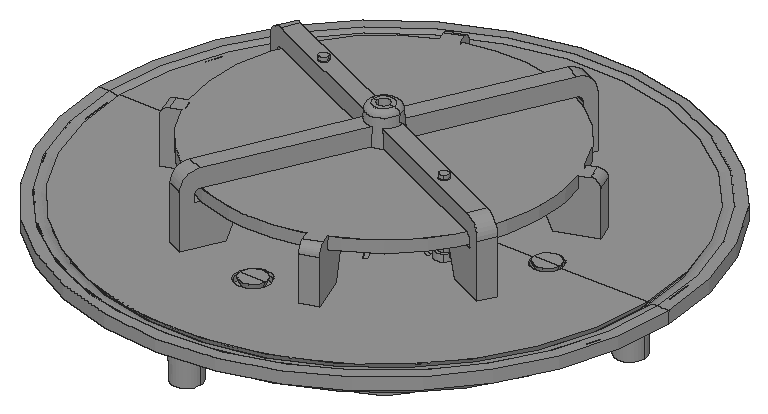
Revit family "MH-X00", category Plumbing Fixtures, Revit 2019 (continued)
Automatic sketch dimensions
  plane 14 to Revolve 1 sketch curve = 0.06235"
  plane 8 "30.16" to Revolve 1 sketch curve = 0.36063"
  Revolve 1 sketch curve to plane 5 = 0.98425"
  Revolve 1 sketch curve to Revolve 1 sketch curve = 0.12128"
  Revolve 1 sketch curve to Revolve 1 sketch curve = 0.11811"  (x2)
  Revolve 1 sketch curve to Revolve 1 sketch curve = 0.12127"
  Revolve 1 sketch curve to level = 0.42492"
  Revolve 1 sketch curve to Revolve 1 sketch curve = 0.00093"
  Revolve 1 sketch curve to plane 6 = 1.02362"
  Extrusion 2 sketch curve to plane 14 = 0"
  Revolve 3 sketch curve to plane 18 = 0"
  level to Revolve 3 sketch curve = 0.00889"
  Revolve 3 sketch curve to Revolve 3 sketch curve = 0.04114"
  Revolve 3 sketch curve to level = 0.07078"
  Revolve 3 sketch curve to Revolve 3 sketch curve = 0.23509"
  Revolve 3 sketch curve to plane 16 = 139/256"
  Revolve 3 sketch curve to Revolve 3 sketch curve = 0.22923"
  Revolve 5 sketch curve to plane 17 = 0"  (x2)
  Revolve 5 sketch curve to level = 0.00889"
  Revolve 5 sketch curve to Revolve 5 sketch curve = 0.04114"
  level to Revolve 5 sketch curve = 0.07078"
  Revolve 5 sketch curve to Revolve 5 sketch curve = 0.23509"
  plane 16 to Revolve 5 sketch curve = 139/256"
  Revolve 5 sketch curve to Revolve 5 sketch curve = 0.22923"
  Revolve 8 sketch curve to plane 8 "30.16" = 0"
  Revolve 8 sketch curve to plane 18 = 0"
  Revolve 8 sketch curve to Revolve 8 sketch curve = 0.04388"
  Revolve 8 sketch curve to Revolve 8 sketch curve = 0.03687"  (x2)
  plane 8 "30.16" to Revolve 8 sketch curve = 0.03402"
  Revolve 8 sketch curve to Revolve 8 sketch curve = 0.01215"
  Revolve 8 sketch curve to Revolve 8 sketch curve = 0.03402"
  Revolve 8 sketch curve to Revolve 8 sketch curve = 0.04536"
  Revolve 8 sketch curve to level = 0.13565"
  level to Revolve 8 sketch curve = 0.00889"
  Revolve 8 sketch curve to Revolve 8 sketch curve = 0.29125"
  Revolve 9 sketch curve to plane 8 "30.16" = 0"
  Revolve 9 sketch curve to plane 17 = 0"  (x2)
  Revolve 9 sketch curve to Revolve 9 sketch curve = 0.04388"
  Revolve 9 sketch curve to Revolve 9 sketch curve = 0.03687"  (x2)
  Revolve 9 sketch curve to plane 8 "30.16" = 0.03402"
  Revolve 9 sketch curve to Revolve 9 sketch curve = 0.01215"
  Revolve 9 sketch curve to Revolve 9 sketch curve = 0.03402"
  Revolve 9 sketch curve to Revolve 9 sketch curve = 0.04536"
  level to Revolve 9 sketch curve = 0.13565"
  Revolve 9 sketch curve to level = 0.00889"
  Revolve 9 sketch curve to Revolve 9 sketch curve = 0.29125"
  Revolve 10 sketch curve to plane 8 "30.16" = 0"
  Revolve 10 sketch curve to plane 3 "Center (Left/Right)" = 0"  (x2)
  Revolve 10 sketch curve to Revolve 10 sketch curve = 0.04388"
  Revolve 10 sketch curve to Revolve 10 sketch curve = 0.03687"  (x2)
  Revolve 10 sketch curve to plane 8 "30.16" = 0.03402"
  Revolve 10 sketch curve to Revolve 10 sketch curve = 0.01215"
  Revolve 10 sketch curve to Revolve 10 sketch curve = 0.03402"
  Revolve 10 sketch curve to Revolve 10 sketch curve = 0.04536"
  level to Revolve 10 sketch curve = 0.13565"
  Revolve 10 sketch curve to level = 0.00889"
  Revolve 10 sketch curve to Revolve 10 sketch curve = 0.29125"
  Revolve 11 sketch curve to plane 8 "30.16" = 0"
  Revolve 11 sketch curve to plane 3 "Center (Left/Right)" = 0"  (x2)
  Revolve 11 sketch curve to Revolve 11 sketch curve = 0.04388"
  Revolve 11 sketch curve to Revolve 11 sketch curve = 0.03687"  (x2)
  plane 8 "30.16" to Revolve 11 sketch curve = 0.03402"
  Revolve 11 sketch curve to Revolve 11 sketch curve = 0.01215"
  Revolve 11 sketch curve to Revolve 11 sketch curve = 0.03402"
  Revolve 11 sketch curve to Revolve 11 sketch curve = 0.04536"
  Revolve 11 sketch curve to level = 0.13565"
  level to Revolve 11 sketch curve = 0.00889"
  Revolve 11 sketch curve to Revolve 11 sketch curve = 0.29125"
  Revolve 12 sketch curve to plane 19 = 0"
  Revolve 12 sketch curve to plane 8 "30.16" = 0"
  Revolve 12 sketch curve to Revolve 12 sketch curve = 0.05967"
  Revolve 12 sketch curve to Revolve 12 sketch curve = 0.08386"
  Revolve 12 sketch curve to plane 16 = 0.03158"
  Revolve 12 sketch curve to plane 19 = 0.3469"
  plane 16 to Revolve 12 sketch curve = 0.00256"
  Revolve 12 sketch curve to Revolve 12 sketch curve = 0.03752"
  Revolve 12 sketch curve to plane 8 "30.16" = 0.28033"
  Revolve 12 sketch curve to Revolve 12 sketch curve = 0.22992"
  Revolve 13 sketch curve to plane 1 "Center (Front/Back)" = 0"
  Revolve 13 sketch curve to plane 8 "30.16" = 0"
  Revolve 13 sketch curve to Revolve 13 sketch curve = 0.05967"
  Revolve 13 sketch curve to Revolve 13 sketch curve = 0.08386"
  Revolve 13 sketch curve to plane 16 = 0.03158"
  plane 1 "Center (Front/Back)" to Revolve 13 sketch curve = 0.3469"
  plane 16 to Revolve 13 sketch curve = 0.00256"
  Revolve 13 sketch curve to Revolve 13 sketch curve = 0.03752"
  Revolve 13 sketch curve to plane 8 "30.16" = 0.28033"
  Revolve 13 sketch curve to Revolve 13 sketch curve = 0.22992"
  Revolve 14 sketch curve to plane 11 = 0.06164"
  plane 11 to Revolve 14 sketch curve = 0.20885"
  Revolve 14 sketch curve to level = 0.49101"
  Revolve 14 sketch curve to Revolve 14 sketch curve = 0.06874"
  level to Revolve 14 sketch curve = 0.22478"
  Revolve 15 sketch curve to plane 4 = 0.06603"
  plane 4 to Revolve 15 sketch curve = 0.20209"
  plane 8 "30.16" to Revolve 15 sketch curve = 0.11811"
  level to Revolve 15 sketch curve = 0.49745"
  Revolve 15 sketch curve to Revolve 15 sketch curve = 0.07221"
  Revolve 15 sketch curve to level = 0.22478"
  Extrusion 21 sketch curve to plane 3 "Center (Left/Right)" = 0"
  plane 23 to Extrusion 21 sketch curve = 0"
  Revolve 22 sketch curve to plane 20 = 0"
  Revolve 22 sketch curve to plane 8 "30.16" = 0"
  Revolve 22 sketch curve to Revolve 22 sketch curve = 0.05967"
  Revolve 22 sketch curve to Revolve 22 sketch curve = 0.02419"
  plane 16 to Revolve 22 sketch curve = 0.03662"
  Revolve 22 sketch curve to plane 20 = 0.34699"
  plane 16 to Revolve 22 sketch curve = 0.0013"
  Revolve 22 sketch curve to Revolve 22 sketch curve = 0.03762"
  plane 8 "30.16" to Revolve 22 sketch curve = 0.28033"
  Revolve 22 sketch curve to Revolve 22 sketch curve = 0.22992"
  Revolve 28 sketch curve to plane 1 "Center (Front/Back)" = 0"
  Revolve 28 sketch curve to plane 8 "30.16" = 0"
  Revolve 28 sketch curve to Revolve 28 sketch curve = 0.05967"
  Revolve 28 sketch curve to Revolve 28 sketch curve = 0.02419"
  plane 16 to Revolve 28 sketch curve = 0.03158"
  Revolve 28 sketch curve to plane 1 "Center (Front/Back)" = 0.3469"
  Revolve 28 sketch curve to plane 16 = 0.00256"
  Revolve 28 sketch curve to Revolve 28 sketch curve = 0.03752"
  plane 8 "30.16" to Revolve 28 sketch curve = 0.28033"
  Revolve 28 sketch curve to Revolve 28 sketch curve = 0.22992"
  curve 3 to plane 5 = 0.04238"
  curve 3 to plane 25 = 0.50602"
  plane 26 to curve 2 = 0.47971"
  curve 3 to curve 2 = 0.26533"
  Revolve 36 sketch curve to Revolve 36 sketch curve = 0.07542"
  Revolve 36 sketch curve to Revolve 36 sketch curve = 0.28147"
  Revolve 36 sketch curve to plane 8 "30.16" = 0.11811"
  Revolve 36 sketch curve to level = 0.47672"
  Revolve 36 sketch curve to Revolve 36 sketch curve = 0.06392"
  level to Revolve 36 sketch curve = 0.25607"
  Revolve 37 sketch curve to Revolve 37 sketch curve = 0.06164"
  Revolve 37 sketch curve to Revolve 37 sketch curve = 0.20885"
  plane 8 "30.16" to Revolve 37 sketch curve = 0.03937"
  level to Revolve 37 sketch curve = 0.49101"
  Revolve 37 sketch curve to Revolve 37 sketch curve = 0.06874"
  Revolve 37 sketch curve to level = 0.22478"
  radius of Extrusion 42 sketch curve = 0.137"
  radius of Extrusion 43 sketch curve = 0.137"
  radius of Extrusion 45 sketch curve = 0.137"
  radius of Extrusion 58 sketch curve = 0.137"
  radius of curve 1 = 3.05103"
  radius of Extrusion 41 sketch curve = 0.137"
  radius of Extrusion 44 sketch curve = 0.137"
  radius of Extrusion 61 sketch curve = 0.157"
  radius of Extrusion 61 sketch curve = 0.13781"
  radius of Extrusion 62 sketch curve = 0.157"
  radius of Extrusion 62 sketch curve = 0.13781"
  radius of Extrusion 63 sketch curve = 0.157"
  radius of Extrusion 63 sketch curve = 0.13781"
  radius of Extrusion 64 sketch curve = 0.157"
  radius of Extrusion 64 sketch curve = 0.13781"
  radius of Extrusion 65 sketch curve = 0.157"
  radius of Extrusion 65 sketch curve = 0.13781"
  radius of Extrusion 66 sketch curve = 0.157"
  radius of Extrusion 66 sketch curve = 0.13781"
Connectors (in)
  piping at (0, 0, -3.11024), diameter 2.5, driven by "Connection Dia"
    settings: on cut or joined group of Revolve 1, Revolve 3, index 1, connector inside diameter 609.6 mm, connector length 0", flow factor 0, pipe flow 0.0 L/s, pressure drop 0.0 Pa, fitting loss kfactor 0, connector angle 0.00°, fixture units 0, engagement length 0", angle of deflection 0.00°, flow configuration 0, flow direction 0, fitting loss method 0, system type 7, joint type 0, gender type 0, connector reference index -1, connector utility 0, adjustable connector no, is connector primary yes, connector description ""
Types (6): name | od3 | od2 | od1 | linearW | linearL | id3 | id1 | ff2 | V6 | V5 | V4 | V3 | V2 | V1 | RP2 | Model | II2 | II1 | HH2 | HH1 | G1 | FF | EE3 | EE2 | EE1 | EE | Description | Connection Dia | C'1 | C' | RP1 | PIPE SIZE' | PIPE SIZE | D | C | B01 | B' | B | A' | A
  (no name) | 0.19497" | 0.31496" | 0.3937" | 2.12598" | 0.98425" | 0.09748" | 0.19685" | 2.77299" | no | no | yes | yes | no | yes | 0.19685" | "MH-300" | 0.09241" | 0.07701" | 0.11551" | 3.14492" | 2.99063" | 0" | 0.90319" | 3.27" | 2 233/256" | 3 189/256" | "3\" HydroMax Siphonic Roof Drain" | 2 1/2" | 4.05512" | 3.64173" | 0.15748" | 1.47638" | 2.95276" | 3.11024" | 7.28346" | 5.49213" | 5.88583" | 11.77165" | 6.49606" | 12.99213"
  MH-500 | 0.19497" | 0.3937" | 0.47244" | 3.93701" | 1.83071" | 0.09748" | 0.23622" | 2.77299" | no | yes | yes | yes | no | yes | 0.23622" | "MH-500" | 0.09241" | 0.07701" | 0.11551" | 3.14492" | 6.325" | 0" | 0.90319" | 3.27" | 2.58736" | 7 29/32" | "5\" HydroMax Siphonic Roof Drain" | 0" | 6.51575" | 6.10236" | 0.19685" | 2.46063" | 4.92126" | 4.33071" | 12.20472" | 8.44488" | 8.91732" | 17.83465" | 9.68504" | 19.37008"
  MH-300 | 0.19497" | 0.31496" | 0.3937" | 2.12598" | 0.98425" | 0.09748" | 0.19685" | 2.77299" | no | no | yes | yes | no | yes | 0.19685" | "MH-300" | 0.09241" | 0.07701" | 0.11551" | 3.14492" | 2.99063" | 0" | 0.90319" | 3.27" | 2 233/256" | 3 189/256" | "3\" HydroMax Siphonic Roof Drain" | 2 1/2" | 4.05512" | 3.64173" | 0.15748" | 1.47638" | 2.95276" | 3.11024" | 7.28346" | 5.49213" | 5.88583" | 11.77165" | 6.49606" | 12.99213"
  MH-400 | 0.19497" | 0.31496" | 0.3937" | 3.54331" | 1.65354" | 0.09748" | 0.19685" | 2.77299" | no | yes | yes | yes | no | yes | 0.19685" | "MH-400" | 0.09241" | 0.07701" | 0.11551" | 3.14492" | 6.325" | 0" | 0.90319" | 3.27" | 2.58736" | 7 29/32" | "4\" HydroMax Siphonic Roof Drain" | 0" | 5.74803" | 5.33465" | 0.15748" | 1.9685" | 3.93701" | 3.54331" | 10.66929" | 8.52362" | 8.91732" | 17.83465" | 9.68504" | 19.37008"
  MH-600 | 0.27559" | 0.47244" | 0.55118" | 5.51181" | 2.55906" | 0.1378" | 0.27559" | 2.77299" | no | yes | yes | yes | yes | yes | 0.27559" | "MH-600" | 0.09241" | 0.07701" | 0.11551" | 3.14492" | 6.325" | 0" | 0.90319" | 3.27" | 2.58736" | 7 29/32" | "6\" HydroMax Siphonic Roof Drain" | 0" | 8.18898" | 7.77559" | 0.23622" | 2.95276" | 5.90551" | 4.72441" | 15.55118" | 10.59055" | 11.14173" | 22.28346" | 12.59843" | 25.19685"
  MH-200 | 0.19497" | 0.31496" | 0.3937" | 2.12598" | 0.98425" | 0.09748" | 0.19685" | 2" | yes | no | no | no | no | no | 0.19685" | "MH-200" | 0.1" | 0.08333" | 1/8" | 1 3/4" | 1 61/64" | 85/256" | 57/64" | 2 23/64" | 2 13/128" | 2 113/256" | "2\" HydroMax Siphonic Roof Drain" | 0" | 4.05512" | 3.64173" | 0.15748" | 1.47638" | 2.95276" | 3.11024" | 7.28346" | 5.49213" | 5.88583" | 11.77165" | 6.49606" | 12.99213"
